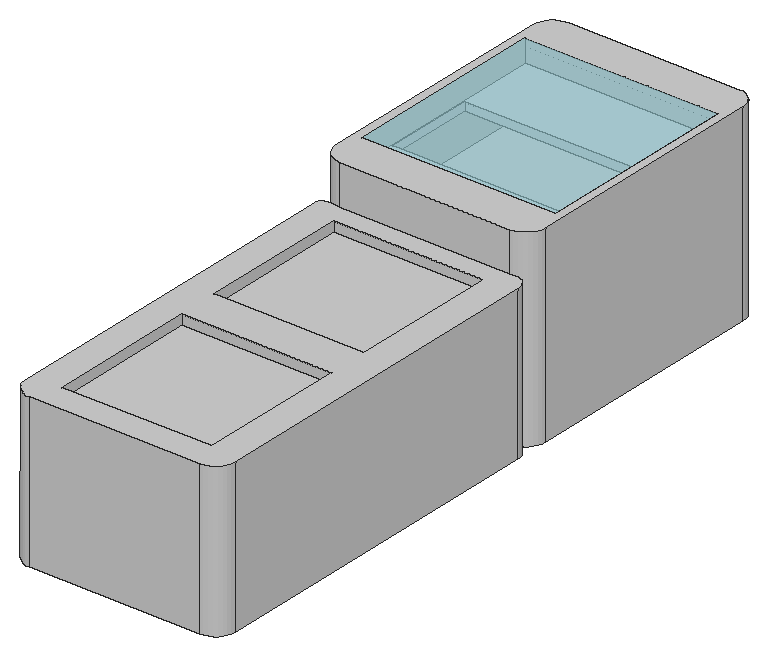
Revit family "Building-IEC309Boards-GEWISS-68QDIN-DISTRIBUTION-BOARD-5MOD_2SOCKET-OUTLETS-16A", category Apparecchi elettrici, host Superficie, Revit 2019
Family settings
  Host = Superficie
  Mantenere orientamento annotazione = Sì
  Quota connettore circolare = Usa diametro
  Tipo di parte = Normale
  Taglio con vuoti quando caricato = No
  Condiviso = No
  Punto di calcolo locali = Sì
Parameters (values of type "GW68018N - Q-DIN 5M 2 FLANGES S.O.16A IP65")
  visibilita posizionamento 2d [instance] = yes
  simbolo 2d [instance] = yes
  oggetto in pianta [instance] = not(visibilita posizionamento 2d)  # no
  distanza_simbolo [instance] = 0.1 mm
  bordo acceso [instance] = yes
  Visibilità sportello [instance] = yes
  Version type = "Empty"
  Version file RFA = "21.5"
  VETRO = Vetro
  URL = "https://www.gewiss.com/ww/en"
  Thermo-pressure with ball = "70 °C"
  Technical sheet = "https://www.gewiss.com/ww/en/search?q=GW68018N"
  Spostamento_effettivo_S [instance] = 4000 mm - Spostamento_S  # 3000 mm
  Spostamento_S = 1000 mm
  Simbolo_quadro [instance] = not(simbolo 2d)  # no
  Shock resistance = "IK08"
  STRUTTURA ALTA = Poche
  STRUTTURA = RAL - 7035
  SEO = "Board"
  Realized by GEWISS S.p.A. = ""
  Default Elevation = 1219.2 mm
  Produttore = "GEWISS S.p.A."
  PRESA = rosso
  POMELLO = bianco
  Operating temperature: = "-25 +40 °C"
  No. of provided blank lids = "-"
  No. of modules EN 50022 = "5"
  N_moduli = 5 mm
  Modello = "GW68018N"
  L_moduli = N_moduli * 19  # 95 mm
  Insulation class = "II"
  Installation type = "Surface-mounting"
  Immagine tipo = GW68018N.jpg
  IP degree = "IP65"
  IDT = "7f2f8e9d144b46a0836ce811937ca44a"
  IDF = "20c9f9c3-1f44-44a2-bc85-bb1be325a016"
  Houseable socket = "2 IEC 309 16A IP44/67"
  Glow Wire Test = "650°C"
  Electrocod = "2242"
  Dispersible power B (W) = "37"
  Dispersible power A (W) = "10"
  Descrizione = "Q-DIN 5M 2 FLANGES S.O.16A IP65"
  Colour = "Grey RAL 7035"
  Catalogue = "BUILDING"
  COBie.Tagnumber = ""
  COBie.CreatedOn = ""
  COBie.CreatebBy = ""
  COBie.ComponentRegisterItemID = ""
  COBie.Component.TagNumber = ""
  COBie.Component.Space = ""
  COBie.Component.SerialNumber = ""
  COBie.Component.InstallationDate = ""
  COBie.Component.Description = ""
  COBie.Component.BarCode = ""
  Accordance with Standards = "EN 62208"
Reference planes
  plane 1 "Centro (Fronte/Retro)": y = 0
  plane 2: z = 0
  plane 3 "Centro (Sinistra/Destra)": x = 0
  plane 4: x = -3000
  plane 5: x = 0
Forms (mm)
  Extrusion 1, solid, material "RAL - 7035" <- "STRUTTURA", detail levels coarse
    sketch origin (0, 0, 0) x (0, 1, 0) y (0, 0, 1)
      loop
        line (0, 96) -> (0, 0) -> (337, 0) -> (337, 96) -> (0, 96)
    from -52.5 to 52.5
Lines and regions (mm)
  Masking region 1, visible <- "visibilita posizionamento 2d"
    outline origin (0, 0, 0) x (1, 0, 0) y (0, 0, 1)
      loop
        line (-52.5, 0) -> (52.5, 0) -> (52.5, 96) -> (-52.5, 96) -> (-52.5, 0)
Dimensions and locks
  plane 4 to plane 3 "Centro (Sinistra/Destra)" = 3000 mm
  "Spostamento_effettivo_S": plane 4 to plane 5
  aligned and locked: plane 2 to host face
  aligned and locked: level to host face
  aligned and locked: nested 1 to plane 5
  aligned and locked: nested 3 to plane 5
  aligned and locked: Extrusion 1 sketch curve to nested 2
  aligned and locked: plane 1 "Centro (Fronte/Retro)" to nested 2
  aligned and locked: nested 2 to plane 5
  aligned and locked: Extrusion 1 to nested 2
Automatic sketch dimensions
  host sketch curve to host sketch curve = 2438.4 mm  (x2)
  Extrusion 1 sketch curve to level = 0 mm
  Extrusion 1 sketch curve to plane 1 "Centro (Fronte/Retro)" = 0 mm
  Extrusion 1 sketch curve to plane 1 "Centro (Fronte/Retro)" = 337 mm
  Masking region 1 sketch curve to level = 0 mm
  Masking region 1 sketch curve to plane 3 "Centro (Sinistra/Destra)" = 52.5 mm
  plane 3 "Centro (Sinistra/Destra)" to Masking region 1 sketch curve = 52.5 mm
  Masking region 1 sketch curve to Masking region 1 sketch curve = 96 mm
Nested families
  nested 1: "CENTRALINO" at (0, 737.795, 0), BORDO ACCESO <- "bordo acceso", SIMBOLO ACCESO <- "simbolo 2d", Distanza dal muro <- "distanza_simbolo", visible <- "simbolo 2d", type "CENTRALINO"
    with SIMBOLO ACCESO yes, Distanza dal muro 0.1 mm, BORDO ACCESO yes
  nested 2: "base_68QDIN5 QUADRO DISTRIBUZ X 2 PRESE IND 16A" at (0, 194, 0), type "base_68QDIN5 QUADRO DISTRIBUZ X 2 PRESE IND 16A", detail levels medium+fine
  nested 3: "simb_CENTRALINO_BASE_cad pro" at (0, 737.795, 0), Distanza dal muro <- "distanza_simbolo", visible <- "Simbolo_quadro", SIMBOLO ACCESO <- "Simbolo_quadro", type "simb_CENTRALINO_BASE_cad pro"
    with SIMBOLO ACCESO no, Distanza dal muro 0.1 mm, BORDO ACCESO yes
Definition of nested family "base_68QDIN5 QUADRO DISTRIBUZ X 2 PRESE IND 16A"
  Parameters (values of type "base_68QDIN5 QUADRO DISTRIBUZ X 2 PRESE IND 16A")
    n_moduli = 5 mm
    h_moduli = 45 mm  # constant formula
    Vetro = none
    Struttura = none
    Spessore = 96 mm  # constant formula
    Default Elevation = 14 mm
    Presa = none
    Lunghezza = 105 mm  # constant formula
    Larghezza = 105 mm  # constant formula
    L_moduli = n_moduli * 19  # 95 mm
    IFC.TypeObject = ""
    IFC.ExportType = ""
    IFC.ExportAs = ""
    COBie.CreatedOn = ""
    COBie.CreatebBy = ""
    COBie.ComponentRegisterItemID = ""
    COBie.Component.TagNumber = ""
    COBie.Component.Space = ""
    COBie.Component.SerialNumber = ""
    COBie.Component.InstallationDate = ""
    COBie.Component.Description = ""
    COBie.Component.BarCode = ""
    Altezza scatole = 350 mm  # constant formula
    Altezza quadro = 150 mm
    Altezza = 258 mm
  Reference planes
    plane 1 "Centro (Fronte/Retro)": y = 0
    plane 2: z = 0
    plane 3 "Centro (Sinistra/Destra)": x = 0
    plane 4: z = 62.089
    plane 5: z = 103.126
    plane 6: z = 76.196
    plane 7: x = -52.5
    plane 8: x = 52.5
    plane 9: x = -48.5
    plane 10: x = 48.5
    plane 11: y = 123.21
    plane 12: y = 21.246
    plane 13: y = 0
    plane 14: y = -105
    plane 15: y = -180
    plane 16: y = -85
    plane 17: y = -10
    plane 18: y = -194
    plane 19: y = 143
    plane 20: z = 71.196
    plane 21: y = 84
    plane 22: y = 39
    plane 23: x = -47.5
    plane 24: x = 47.5
    plane 25: z = 92.059
    plane 26: z = 96
    plane 27 "posizionamento moduli": z = 84.734
    plane 28: z = 80.558
    plane 29: y = 61.5
  Forms (mm)
    Extrusion 1, solid, material <- "Struttura"
      sketch origin (0, -857.311, 0) x (1, 0, 0) y (0, 1, 0)
        loop
          arc (-42.5, 1000.311) -> (-49.571, 997.382) -> (-52.5, 990.311) r 10
          line (-52.5, 990.311) -> (-52.5, 867.311)
          arc (-52.5, 867.311) -> (-49.571, 860.24) -> (-42.5, 857.311) r 10
          line (-42.5, 857.311) -> (42.5, 857.311)
          arc (42.5, 857.311) -> (49.571, 860.24) -> (52.5, 867.311) r 10
          line (52.5, 867.311) -> (52.5, 990.311)
          arc (52.5, 990.311) -> (49.571, 997.382) -> (42.5, 1000.311) r 10
          line (42.5, 1000.311) -> (-42.5, 1000.311)
      from 0 to 96
    Extrusion 2, solid, material <- "Struttura"
      sketch origin (0, -857.311, 0) x (1, 0, 0) y (0, 1, 0)
        loop
          line (44.95, 857.311) -> (-48.88, 857.311)
          arc (-48.88, 857.311) -> (-51.44, 856.251) -> (-52.5, 853.691) r 3.62
          line (-52.5, 853.691) -> (-52.5, 673.311)
          arc (-52.5, 673.311) -> (-49.571, 666.24) -> (-42.5, 663.311) r 10
          line (-42.5, 663.311) -> (42.5, 663.311)
          arc (42.5, 663.311) -> (49.571, 666.24) -> (52.5, 673.311) r 10
          line (52.5, 673.311) -> (52.5, 849.76)
          arc (52.5, 849.76) -> (50.289, 855.099) -> (44.95, 857.311) r 7.55
      from 0 to 76.196
    Extrusion 3, void
      sketch origin (0, -857.311, 0) x (1, 0, 0) y (0, 1, 0)
        loop
          line (-48.5, 980.52) -> (-48.5, 878.557) -> (48.5, 878.557) -> (48.5, 980.52) -> (-48.5, 980.52)
      from 62.089 to 96
    Extrusion 4, solid, material <- "Vetro", detail levels fine
      sketch origin (0, -857.311, 0) x (1, 0, 0) y (0, 1, 0)
        loop
          line (-48.5, 980.52) -> (-48.5, 878.557) -> (48.5, 878.557) -> (48.5, 980.52) -> (-48.5, 980.52)
      from 92.059 to 96
    Extrusion 5, void
      sketch origin (0, -857.311, 0) x (1, 0, 0) y (0, 1, 0)
        loop
          line (-37.506, 847.311) -> (-37.506, 772.311) -> (37.506, 772.311) -> (37.506, 847.311) -> (-37.506, 847.311)
      from 71.196 to 76.196
    Extrusion 6, void
      sketch origin (0, -992.311, 0) x (1, 0, 0) y (0, 1, 0)
        loop
          line (-37.506, 887.311) -> (-37.506, 812.311) -> (37.506, 812.311) -> (37.506, 887.311) -> (-37.506, 887.311)
      from 71.196 to 76.196
    Extrusion 7, void
      sketch origin (0, 0, 0) x (1, 0, 0) y (0, 1, 0)
        loop
          line (-47.5, 39) -> (47.5, 39) -> (47.5, 84) -> (-47.5, 84) -> (-47.5, 39)
      from 80.558 to 84.734
    Extrusion 8, solid
      sketch origin (0, 0, 0) x (1, 0, 0) y (0, 1, 0)
        loop
          line (-48.5, 123.21) -> (-48.5, 21.246) -> (48.5, 21.246) -> (48.5, 123.21) -> (-48.5, 123.21)
      from 80.558 to 84.734
  Cuts and joins
    Extrusion 3 cuts Extrusion 1
    Extrusion 5, Extrusion 6 cuts Extrusion 2
    Extrusion 7 cuts Extrusion 8
    Extrusion 7 cuts Extrusion 4
  Lines and regions (mm)
    model lines
      curve 1: line (-47.5, 61.5, 84.734) -> (47.5, 61.5, 84.734)
  Dimensions and locks
    locked: plane 4 to plane 5 at 41.036
    locked: plane 7 to plane 9 at 4
    locked: plane 10 to plane 8 at 4
    equal spacing: plane 7, plane 3 "Centro (Sinistra/Destra)", plane 8
    "Larghezza": plane 7 to plane 8
    plane 13 to plane 17 = 10 mm
    locked: plane 16 to plane 14 at 20
    plane 17 to plane 16 = 75 mm
    plane 14 to plane 15 = 75 mm
    plane 1 "Centro (Fronte/Retro)" to plane 19 = 143 mm
    plane 18 to plane 13 = 194 mm
    plane 12 to plane 1 "Centro (Fronte/Retro)" = 21.246 mm
    plane 11 to plane 19 = 19.79 mm
    locked: plane 6 to plane 20 at 5
    locked: plane 19 to plane 21 at 59
    "h_moduli": plane 21 to plane 22
    equal spacing: plane 23, plane 3 "Centro (Sinistra/Destra)", plane 24
    "L_moduli": plane 23 to plane 24
    locked: plane 26 to plane 25 at 3.941
    plane 6 to plane 2 = 76.196 mm
    locked: plane 25 to plane 27 "posizionamento moduli" at 7.325
    locked: plane 27 "posizionamento moduli" to plane 28 at 4.176
    equal spacing: plane 21, plane 29, plane 22
    radius of Extrusion 2 sketch curve = 10 mm  (x2)
    radius of Extrusion 2 sketch curve = 3.62 mm
    radius of Extrusion 2 sketch curve = 7.55 mm
    radius of Extrusion 1 sketch curve = 10 mm  (x4)
    aligned and locked: level to plane 2
    aligned and locked: cut or joined group of Extrusion 1, Extrusion 3 to plane 4  (x2)
    aligned and locked: Extrusion 2 to plane 6
    aligned and locked: plane 7 to Extrusion 2 sketch curve
    aligned and locked: plane 8 to Extrusion 2 sketch curve
    aligned and locked: plane 8 to Extrusion 1 sketch curve
    aligned and locked: plane 7 to Extrusion 1 sketch curve
    aligned and locked: Extrusion 4 sketch curve to plane 9
    aligned and locked: Extrusion 4 sketch curve to plane 10
    aligned and locked: Extrusion 3 sketch curve to plane 9
    aligned and locked: Extrusion 3 sketch curve to plane 10
    aligned and locked: Extrusion 4 sketch curve to plane 11
    aligned and locked: plane 12 to Extrusion 4 sketch curve
    aligned and locked: Extrusion 3 sketch curve to plane 11
    aligned and locked: plane 12 to Extrusion 3 sketch curve
    aligned and locked: plane 13 to Extrusion 1 sketch curve
    aligned and locked: Extrusion 2 sketch curve to plane 13
    aligned and locked: plane 18 to Extrusion 2 sketch curve
    aligned and locked: Extrusion 5 to plane 16
    aligned and locked: plane 17 to Extrusion 5
    aligned and locked: plane 14 to Extrusion 6
    aligned and locked: plane 1 "Centro (Fronte/Retro)" to plane 13
    aligned and locked: plane 19 to Extrusion 1 sketch curve
    aligned and locked: Extrusion 6 to plane 15
    aligned and locked: Extrusion 6 to plane 20
    aligned and locked: Extrusion 6 to plane 6
    aligned and locked: Extrusion 5 to plane 20
    aligned and locked: Extrusion 5 to plane 6
    aligned and locked: Extrusion 7 sketch curve to plane 23
    aligned and locked: Extrusion 7 sketch curve to plane 21
    aligned and locked: Extrusion 7 sketch curve to plane 22
    aligned and locked: Extrusion 7 sketch curve to plane 24
    aligned and locked: plane 26 to cut or joined group of Extrusion 1, Extrusion 3
    aligned and locked: plane 27 "posizionamento moduli" to Extrusion 7
    aligned and locked: Extrusion 7 to plane 28
    aligned and locked: Extrusion 8 sketch curve to plane 11
    aligned and locked: Extrusion 8 sketch curve to plane 12
    aligned and locked: Extrusion 8 to plane 28
    aligned and locked: plane 27 "posizionamento moduli" to Extrusion 8
    aligned and locked: Extrusion 8 sketch curve to Extrusion 4  (x2)
    aligned and locked: plane 29 to curve 1
  Automatic sketch dimensions
    Extrusion 5 sketch curve to plane 9 = 10.994 mm
    plane 10 to Extrusion 5 sketch curve = 10.994 mm
    plane 1 "Centro (Fronte/Retro)" to Extrusion 5 sketch curve = 85 mm
    plane 1 "Centro (Fronte/Retro)" to Extrusion 5 sketch curve = 10 mm
    Extrusion 6 sketch curve to plane 9 = 10.994 mm
    plane 10 to Extrusion 6 sketch curve = 10.994 mm
    plane 1 "Centro (Fronte/Retro)" to Extrusion 6 sketch curve = 180 mm
    Extrusion 6 sketch curve to Extrusion 6 sketch curve = 75 mm
    curve 1 to plane 24 = 0 mm
    curve 1 to plane 23 = 0 mm
Definition of nested family "CENTRALINO"
  Parameters (values of type "CENTRALINO")
    SIMBOLO ACCESO [instance] = yes
    Distanza dal muro [instance] = 0 mm
    BORDO ACCESO [instance] = yes
  Reference planes
    plane 1: y = 0
    plane 2: x = 0
  Dimensions and locks
    "Distanza dal muro": plane 1 to nested 1
    aligned and locked: plane 2 to nested 1
  Nested families
    nested 1: "CENTRALINO_BASE" at (0, 0, 0), BORDO ACCESO <- "BORDO ACCESO", visible <- "SIMBOLO ACCESO", type "CENTRALINO"
      with BORDO ACCESO yes
  Definition of nested family "CENTRALINO_BASE"
    Parameters (values of type "CENTRALINO")
      Distanza dal muro = 0 mm
      BORDO ACCESO [instance] = yes
    Reference planes
      plane 1: y = 0
      plane 2: x = 0
    Lines and regions (mm)
      detail lines, visible <- "BORDO ACCESO", not visible
        curve 1: line (-2.443, 10.208, 0) -> (2.057, 10.208, 0)
        curve 2: line (2.057, 10.208, 0) -> (2.057, 4.208, 0)
        curve 3: line (2.057, 4.208, 0) -> (-2.443, 4.208, 0)
        curve 4: line (-2.443, 4.208, 0) -> (-2.443, 10.208, 0)
        curve 5: line (-2.043, 9.808, 0) -> (1.657, 9.808, 0)
        curve 6: line (1.657, 9.808, 0) -> (1.657, 4.608, 0)
        curve 7: line (1.657, 4.608, 0) -> (-2.043, 4.608, 0)
        curve 8: line (-2.043, 4.608, 0) -> (-2.043, 9.808, 0)
      detail lines
        curve 9: line (0, 0.671, 0) -> (0, 0, 0)
        curve 10: line (0.659, 0.671, 0) -> (0.659, 1.33, 0)
        curve 11: line (0.659, 1.33, 0) -> (-0.659, 1.33, 0)
        curve 12: line (-0.659, 1.33, 0) -> (-0.659, 0.671, 0)
        curve 13: line (-0.659, 0.671, 0) -> (0.659, 0.671, 0)
        curve 14: line (0.497, 1.33, 0) -> (0.497, 2, 0)
        curve 15: line (0.167, 1.33, 0) -> (0.167, 2, 0)
        curve 16: line (-0.162, 1.33, 0) -> (-0.162, 2, 0)
        curve 17: line (-0.491, 1.33, 0) -> (-0.491, 2, 0)
Definition of nested family "simb_CENTRALINO_BASE_cad pro"
  Parameters (values of type "simb_CENTRALINO_BASE_cad pro")
    SIMBOLO ACCESO [instance] = yes
    Distanza dal muro [instance] = 0 mm
    BORDO ACCESO [instance] = yes
  Reference planes
    plane 1: y = 0
    plane 2: x = 0
  Dimensions and locks
    "Distanza dal muro": plane 1 to nested 1
    aligned and locked: plane 2 to nested 1
  Nested families
    nested 1: "CENTRALINO_BASE_cad pro" at (0, 0, 0), type "CENTRALINO"
  Definition of nested family "CENTRALINO_BASE_cad pro"
    Parameters (values of type "CENTRALINO")
      Distanza dal muro = 0 mm
    Reference planes
      plane 1: y = 0
      plane 2: x = 0
    Lines and regions (mm)
      detail lines
        curve 1: line (1.33, 1.33, 0) -> (2.109, 1.33, 0)
        curve 2: line (2.109, 1.33, 0) -> (2.109, 0, 0)
        curve 3: line (2.109, 0, 0) -> (1.33, 0, 0)
        curve 4: line (1.33, 0, 0) -> (-1.33, 1.33, 0)
        curve 5: line (-1.33, 1.33, 0) -> (1.33, 1.33, 0)
        curve 6: line (1.33, 1.33, 0) -> (1.33, 0, 0)
        curve 7: line (1.33, 0, 0) -> (-1.33, 0, 0)
        curve 8: line (-1.33, 0, 0) -> (-1.33, 1.33, 0)
        curve 9: line (1.461, 0.665, 0) -> (1.977, 0.665, 0)
        curve 10: line (1.719, 0.665, 0) -> (1.719, 1.01, 0)
        curve 11: arc (1.977, 0.406, 0) -> (1.719, 0.665, 0) -> (1.461, 0.406, 0) r 0.258
